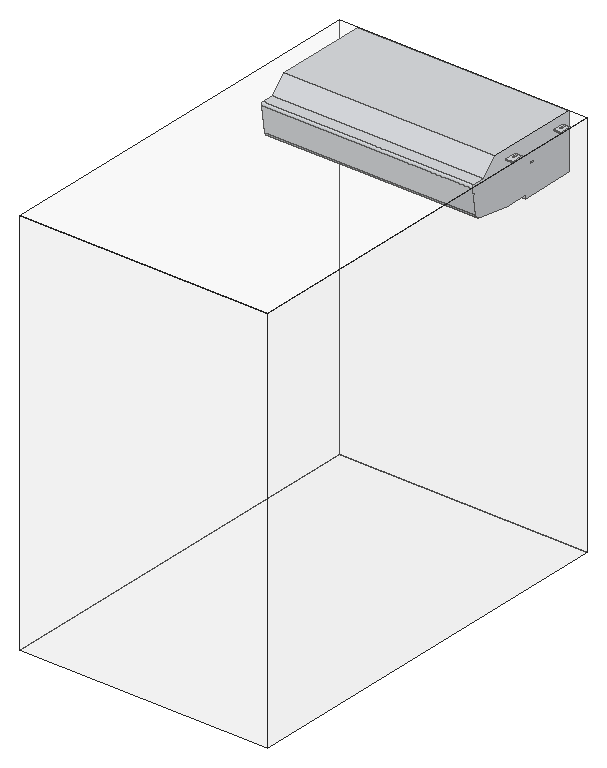
Revit family "pc-rp80_140ha21_50hz", category 機械設備, Revit 2019
Family settings
  丸型コネクタ寸法 = 直径を使用
  パーツ タイプ = 標準
  OmniClass 番号 = 23.75.10.24.21.27.27
  OmniClass タイトル = Split System Air Conditioning Units
  作業面ベース = いいえ
  常に垂直 = はい
  ロード時にボイドで切り取り = いいえ
  共有 = いいえ
  部屋計算ポイント = はい
Parameters (values of type "厨房天吊_PC-RP80HA21")
  風量_強 (m3/min) = 17
  風量_弱 (m3/min) = 15
  風量 = MAX風量  # 1020.0 m³/h
  音響パワーレベル_強 (dB) = 57
  音響パワーレベル_弱 (dB) = 55
  音響パワーレベル(dB) = [音響パワーレベル_強 (dB)]  # 57
  電源種別 = ""
  電源_H = 0 mm
  電圧 = 0 V
  電動機出力_送風機 = 0.04 kW
  運転質量 = 0.00 kg
  連動 = ""
  質量 = if(製品質量 > 運転質量, 製品質量, 運転質量) * 1.2  # 50.40 kg
  負荷分類 = 3_ファン類
  構成品番 = "PC-RP80HA21"
  冷媒液管位置 = 175 mm
  冷媒ガス管位置 = 197 mm
  ドレン管径 (外径) = 32 mm
  【値が 0 の項目は組合せ形名にてご確認ください】 = ""
  MIN風量 = [風量_弱 (m3/min)] * 60.0 m³/h  # 900.0 m³/h
  MAX風量 = [風量_強 (m3/min)] * 60.0 m³/h  # 1020.0 m³/h
  サービススペース = yes
  ケーブルサイズ = 0 mm
  Version = ""
  URL = "https://www.mitsubishielectric.co.jp/ldg/wink/ssl/top.do"
  Line = not(Width = 1136 mm)  # no
  説明 = "店舗・事務所用パッケージエアコン(Mr.SLIM) 厨房用(天吊形)"
  設計暖房能力 = 0.00 kW
  設計冷房能力_顕熱 = 0 kW
  設計冷房能力 = 0 kW
  設置方法 = "天井吊形"
  記号 = ""
  製造元 = "三菱電機株式会社"
  製品質量 = 42.00 kg
  製品出荷対象 = "国内"
  製品リリース年月 = ""
  製品グループ = ""
  系統 = ""
  符号 = "PAC_CRK"
  積算_科目 = "1 空気調和設備"
  積算_拾い区分 [instance] = ""
  相 = 1
  盤記号 = ""
  発停方法 = "付属スイッチ"
  特殊仕様 = ""
  火災停止 = ""
  消費電力_暖房 = 0.13 kW
  消費電力_冷房 = 0.13 kW
  消費電力 = if(消費電力_冷房 > 消費電力_暖房, 消費電力_冷房, 消費電力_暖房)  # 0.13 kW
  法定耐用年数 = "6"
  極数 = 1
  材質 = ""
  本体マテリアル = none
  有効加湿量 = 0
  暖房能力 = 8.00 kW
  推奨ブレーカー容量 = 0 A
  形式_加湿器 = ""
  形式 = "厨房用天井吊（露出）形"
  幹線記号 = ""
  始動方式 = "直入"
  呼称 = "室内機_厨房用天井吊（露出）形"
  周波数 = 50 Hz
  吊り位置Y = 320 mm
  吊り位置X = 1180 mm
  吊りボルト_H = 43 mm
  台数_手元リモコン = ""
  台数_冷媒分岐ユニット = ""
  参照している仕様書等のバージョン = "公共建築工事標準仕様書（機械設備工事編）平成31年度版"
  加湿給水管径 = 0.00 mm
  分類コード = "50053003123100"
  分類グループ = ""
  冷房能力 = 7.1 kW
  冷媒高低圧ガス管径 = 0.00 mm
  冷媒管径符号 = "Bd"
  冷媒管径 = 100.00 mm
  冷媒液管高さ = 165 mm
  冷媒液管径 = 9.52 mm
  冷媒ガス管高さ = 165 mm
  冷媒ガス管径 = 15.88 mm
  企業コード = "108420"
  付属品_フィルター = ""
  付属品 = ""
  仕様書バージョン = "Version1.0"
  Model = ""
  パネルマテリアル = none
  ドレン管高さ = 254 mm
  ドレン管径 = 25.00 mm
  コメント [instance] = ""
  ケーブル種類 = ""
  Width = 1136 mm
  Uniclass2015Version = "Systems v1.9"
  Uniclass2015Title = "Split coil remote air cooled condensing units"
  Uniclass2015Code = "Pr_70_65_03_84"
  SpecificationReference = ""
  SpecificationDescription = ""
  S_H = 295 mm
  Revision = ""
  ProductInformation = ""
  OmniClassCode = "23-33 17 13 11"
  IfcTypeProduct = ""
  IfcProduct = ""
  IfcExportType = "AIRCONDITIONINGUNIT"
  IfcExportAs = "IfcUnitaryEquipmentType"
  Height = 280 mm
  Depth = 650 mm
  価格 = 0
  Clearance Top = 2 mm
  Clearance Right = 100 mm
  Clearance Left = 100 mm
  Clearance Front = 1500 mm
  Clearance Bottom = 1800 mm
  Clearance Back = 0 mm
  Author = "三菱電機株式会社"
Types (2, lengths in mm): name | 風量_強 (m3/min) | 風量_弱 (m3/min) | 風量 | 音響パワーレベル_強 (dB) | 音響パワーレベル_弱 (dB) | 音響パワーレベル(dB) | 電動機出力_送風機 | 質量 | 構成品番 | MIN風量 | MAX風量 | Line | 製品質量 | 消費電力_暖房 | 消費電力_冷房 | 消費電力 | 暖房能力 | 吊り位置X | 冷房能力 | Width
  厨房天吊_PC-RP140HA21 | 38 | 28 | 2280.0 m³/h | 68 | 61 | 68 | 0.16 kW | 67.20 kg | "PC-RP140HA21" | 1680.0 m³/h | 2280.0 m³/h | yes | 56.00 kg | 0.30 kW | 0.30 kW | 0.30 kW | 14.00 kW | 1564 | 12.5 kW | 1520
  厨房天吊_PC-RP80HA21 | 17 | 15 | 1020.0 m³/h | 57 | 55 | 57 | 0.04 kW | 50.40 kg | "PC-RP80HA21" | 900.0 m³/h | 1020.0 m³/h | no | 42.00 kg | 0.13 kW | 0.13 kW | 0.13 kW | 8.00 kW | 1180 | 7.1 kW | 1136
Reference planes
  plane 1 "中心(正面/背面)": y = 0
  plane 2: z = 0
  plane 3 "中心(左/右)": x = 0
  plane 4: x = 523
  plane 5: z = 3835
  plane 6: x = 438
  plane 7: z = 3835
  plane 8: x = 463
  plane 9: z = 3746
  plane 10: x = 668
  plane 11: x = 568
  plane 12: x = -668
  plane 13: x = -568
  plane 14: y = -650
  plane 15: z = -280
  plane 16: y = -2150
  plane 17: x = -590
  plane 18: x = 590
  plane 19: z = -2095
  plane 20: z = -295
  plane 21: x = 558.3
  plane 22: y = -80
  plane 23: y = -400
  plane 24: y = -325
  plane 25: y = -197
  plane 26: y = -175
  plane 27: y = -70
  plane 28: z = -43
  plane 29: z = -165
  plane 30: z = -254
  plane 31: x = 523
  plane 32: x = 438
  plane 33: x = 463
  plane 34: x = 463
  plane 35: z = 3746
  plane 36: z = 2
  plane 37: z = -95
  plane 38: z = -165
Forms (mm)
  Extrusion 1, solid
    sketch origin (0, -325, -4000) x (0, 1, 0) y (0, 0, 1)
      loop
        line (325, 4000) -> (-171.734, 4000) -> (-246.938, 3924.796) -> (-313.202, 3924.796)
        arc (-313.202, 3924.796) -> (-322.395, 3920.509) -> (-325.02, 3910.712) r 12
        line (-325.02, 3910.712) -> (-299.97, 3768.648)
        arc (-299.97, 3768.648) -> (-294.972, 3759.046) -> (-285.369, 3754.047) r 18
        line (-285.369, 3754.047) -> (-92.277, 3720) -> (35.069, 3720) -> (35.069, 3705) -> (325, 3705) -> (325, 4000)
    from -568 to 568
  Extrusion 2, solid, detail levels fine
    sketch origin (0, 0, 0) x (0, 0, -1) y (-1, 0, 0)
      loop
        circle (165.005, -523) r 7.94
    from -325 to -197
  Extrusion 3, solid, detail levels fine
    sketch origin (0, 0, 0) x (0, 0, -1) y (-1, 0, 0)
      loop
        circle (165.005, -438) r 4.76
    from -175 to -325
  Extrusion 4, solid, detail levels fine
    sketch origin (0, 0, 0) x (0, 0, -1) y (-1, 0, 0)
      loop
        circle (254.005, -463) r 16
    from -70 to -325
  Extrusion 5, solid, detail levels fine
    sketch origin (0, 0, -4000) x (1, 0, 0) y (0, 1, 0)
      loop
        line (568, -370) -> (568, -430) -> (612, -430) -> (612, -370) -> (595, -370) -> (595, -400)
        arc (595, -400) -> (590, -405) -> (585, -400) r 5
        line (585, -400) -> (585, -370) -> (568, -370)
    from 3954.5 to 3959.5
  Extrusion 6, solid, detail levels fine
    sketch origin (0, 320, -4000) x (1, 0, 0) y (0, 1, 0)
      loop
        line (568, -370) -> (568, -430) -> (612, -430) -> (612, -370) -> (595, -370) -> (595, -400)
        arc (595, -400) -> (590, -405) -> (585, -400) r 5
        line (585, -400) -> (585, -370) -> (568, -370)
    from 3954.5 to 3959.5
  Extrusion 7, solid, detail levels fine
    sketch origin (-1180, 0, -4000) x (1, 0, 0) y (0, 1, 0)
      loop
        line (568, -370) -> (568, -430) -> (612, -430) -> (612, -370) -> (595, -370) -> (595, -400)
        arc (595, -400) -> (590, -405) -> (585, -400) r 5
        line (585, -400) -> (585, -370) -> (568, -370)
    from 3954.5 to 3959.5
  Extrusion 8, solid, detail levels fine
    sketch origin (-1180, 320, -4000) x (1, 0, 0) y (0, 1, 0)
      loop
        line (568, -370) -> (568, -430) -> (612, -430) -> (612, -370) -> (595, -370) -> (595, -400)
        arc (595, -400) -> (590, -405) -> (585, -400) r 5
        line (585, -400) -> (585, -370) -> (568, -370)
    from 3954.5 to 3959.5
  Extrusion 9, solid, detail levels fine
    sketch origin (-3.482, 0, 0) x (1, 0, 0) y (0, 0, 1)
      loop
        circle (483.982, -165) r 50
    from 0 to 5
  Extrusion 10, solid, detail levels fine
    sketch origin (0, 160, 0) x (0, 0, -1) y (-1, 0, 0)
      loop
        circle (254.005, -463) r 16
    from -160 to -165
Lines and regions (mm)
  model lines, detail levels fine
    curve 1: line (-493, -647.647, -102.744) -> (-493, -628.546, -211.073)
    curve 2: line (493, -647.647, -102.744) -> (493, -628.546, -211.073)
    curve 3: line (-493, -647.647, -102.744) -> (493, -647.647, -102.744)
    curve 4: line (493, -628.546, -211.073) -> (-493, -628.546, -211.073)
Dimensions and locks
  equal spacing: plane 13, plane 3 "中心(左/右)", plane 11
  "Width": plane 13 to plane 11
  "Clearance Right": plane 11 to plane 10
  "Clearance Left": plane 12 to plane 13
  "Depth": plane 14 to plane 1 "中心(正面/背面)"
  "Height": level to plane 15
  "Clearance Front": plane 16 to plane 14
  equal spacing: plane 17, plane 3 "中心(左/右)", plane 18
  "吊り位置X": plane 17 to plane 18
  "S_H": level to plane 20
  locked: plane 21 to plane 11 at 9.7
  locked: plane 22 to plane 1 "中心(正面/背面)" at 80
  "吊り位置Y": plane 22 to plane 23
  plane 27 to plane 1 "中心(正面/背面)" = 70 mm
  "冷媒液管位置": plane 26 to plane 1 "中心(正面/背面)"  (x2)
  "冷媒ガス管位置": plane 25 to plane 1 "中心(正面/背面)"  (x2)
  plane 24 to plane 25 = 128 mm
  plane 24 to plane 26 = 150 mm
  "Clearance Bottom": plane 20 to plane 19
  "吊りボルト_H": level to plane 28
  level to plane 29 = 165 mm
  level to plane 30 = 254 mm
  plane 31 to plane 11 = 45 mm
  plane 32 to plane 31 = 85 mm
  plane 33 to plane 11 = 105 mm
  "Clearance Back": plane 1 "中心(正面/背面)" to nested 1
  equal spacing: plane 32, Extrusion 9 sketch curve, plane 31
  "Clearance Top": plane 36 to plane 2
  "冷媒ガス管高さ": plane 2 to plane 29
  "冷媒液管高さ": Extrusion 1 to plane 38
  "冷媒液管径": diameter of Extrusion 3 sketch curve
  "冷媒ガス管径": diameter of Extrusion 2 sketch curve
  "ドレン管径 (外径)": diameter of Extrusion 4 sketch curve
  "ドレン管径 (外径)": diameter of Extrusion 10 sketch curve
  aligned and locked: level to plane 2
  aligned and locked: plane 11 to Extrusion 1
  aligned and locked: plane 13 to Extrusion 1
  aligned and locked: plane 12 to nested 1
  aligned and locked: nested 1 to plane 10
  aligned and locked: plane 17 to nested 2
  aligned and locked: nested 2 to plane 18
  aligned and locked: plane 20 to Extrusion 1
  aligned and locked: plane 19 to nested 1
  aligned and locked: plane 21 to nested 3
  aligned and locked: nested 1 to plane 16
  aligned and locked: plane 22 to nested 2
  aligned and locked: plane 23 to nested 2
  aligned and locked: plane 1 "中心(正面/背面)" to nested 1
  aligned and locked: plane 36 to nested 1
Automatic sketch dimensions
  Extrusion 1 sketch curve to level = 0 mm
  Extrusion 1 sketch curve to plane 15 = 0 mm
  Extrusion 1 sketch curve to plane 20 = 0 mm
  Extrusion 1 sketch curve to plane 1 "中心(正面/背面)" = 0 mm
  plane 24 to Extrusion 1 sketch curve = 35.069 mm
  Extrusion 1 sketch curve to plane 23 = 17.277 mm
  Extrusion 1 sketch curve to plane 23 = 96.734 mm
  Extrusion 1 sketch curve to plane 28 = 32.204 mm
  plane 14 to Extrusion 1 sketch curve = 78.062 mm
  plane 14 to Extrusion 1 sketch curve = 42.756 mm
  plane 30 to Extrusion 1 sketch curve = 8.047 mm
  Extrusion 1 sketch curve to Extrusion 1 sketch curve = 3.126 mm
  Extrusion 1 sketch curve to Extrusion 1 sketch curve = 17.727 mm
  plane 14 to Extrusion 1 sketch curve = 11.798 mm
  Extrusion 1 sketch curve to plane 14 = 0.02 mm
  Extrusion 1 sketch curve to Extrusion 1 sketch curve = 14.601 mm
  Extrusion 1 sketch curve to Extrusion 1 sketch curve = 14.084 mm
  Extrusion 1 to curve 3 = 13.664 mm
  curve 2 to Extrusion 1 = 20.591 mm
  Extrusion 1 to curve 1 = 75 mm
  Extrusion 1 to curve 3 = 75 mm
  Extrusion 5 sketch curve to plane 11 = 0 mm
  Extrusion 5 sketch curve to plane 23 = 0 mm
  Extrusion 5 sketch curve to plane 18 = 0 mm
  Extrusion 5 sketch curve to Extrusion 5 sketch curve = 5 mm
  Extrusion 5 sketch curve to plane 18 = 22 mm
  Extrusion 5 sketch curve to plane 23 = 30 mm
  plane 23 to Extrusion 5 sketch curve = 30 mm
  Extrusion 5 sketch curve to Extrusion 5 sketch curve = 0 mm
  Extrusion 6 sketch curve to plane 11 = 0 mm
  Extrusion 6 sketch curve to plane 22 = 0 mm
  Extrusion 6 sketch curve to plane 18 = 0 mm
  Extrusion 6 sketch curve to Extrusion 6 sketch curve = 5 mm
  Extrusion 6 sketch curve to plane 18 = 22 mm
  Extrusion 6 sketch curve to plane 22 = 30 mm
  plane 27 to Extrusion 6 sketch curve = 20 mm
  Extrusion 6 sketch curve to Extrusion 6 sketch curve = 0 mm
  Extrusion 7 sketch curve to plane 23 = 0 mm
  Extrusion 7 sketch curve to plane 17 = 0 mm
  Extrusion 7 sketch curve to plane 13 = 0 mm
  Extrusion 7 sketch curve to plane 17 = 5 mm
  Extrusion 7 sketch curve to plane 17 = 22 mm
  Extrusion 7 sketch curve to plane 23 = 30 mm
  plane 23 to Extrusion 7 sketch curve = 30 mm
  Extrusion 7 sketch curve to Extrusion 7 sketch curve = 0 mm
  Extrusion 8 sketch curve to plane 22 = 0 mm
  Extrusion 8 sketch curve to plane 17 = 0 mm
  Extrusion 8 sketch curve to plane 13 = 0 mm
  Extrusion 8 sketch curve to plane 17 = 5 mm
  Extrusion 8 sketch curve to plane 17 = 22 mm
  Extrusion 8 sketch curve to plane 22 = 30 mm
  plane 27 to Extrusion 8 sketch curve = 20 mm
  Extrusion 8 sketch curve to Extrusion 8 sketch curve = 0 mm
  Extrusion 9 sketch curve to plane 29 = 0 mm
  Extrusion 1 to Extrusion 2 sketch curve = 45 mm
  Extrusion 2 sketch curve to Extrusion 1 = 129.995 mm
  Extrusion 3 sketch curve to Extrusion 1 = 129.995 mm
  Extrusion 1 to Extrusion 3 sketch curve = 130 mm
  Extrusion 4 sketch curve to Extrusion 1 = 40.995 mm
  Extrusion 1 to Extrusion 4 sketch curve = 105 mm
  plane 33 to Extrusion 10 sketch curve = 0 mm
  Extrusion 10 sketch curve to plane 30 = 0.005 mm
  radius of Extrusion 9 sketch curve = 50 mm
Nested families
  nested 1: "サービススペース" at (0, -1075, -1046.5), visible <- "サービススペース", type "サービススペース", detail levels fine
    with Width 1336 mm, Height 2097 mm, Depth 2150 mm
  nested 2: "固定点" at (-590, -400, 0), type "固定点"
    with W 1180 mm, D 320 mm
  nested 3: "吸込口" at (-192, 0, -4000), Width <- "Width", type "吸込口"
    with Width 1136 mm, Line no
Connectors
  piping at (480.5, 0, -165), diameter 100, driven by "冷媒管径", driven by "冷媒管径符号"
    settings: on Extrusion 9, index 1, connector inside diameter 609.60 mm, connector length 0 mm, flow factor 0, pipe flow 0.0 L/s, pressure drop 0.0 Pa, fitting loss kfactor 0, connector angle 0.00°, fixture units 0, engagement length 0 mm, angle of deflection 0.00°, flow configuration 1, flow direction 1, fitting loss method 4, system type 7, joint type 0, gender type 0, connector reference index -1, connector utility 0, adjustable connector no, is connector primary yes, connector description "Bd"
  piping at (463, 0, -254.005), diameter 32, driven by "ドレン管径 (外径)"
    settings: on Extrusion 10, index 2, connector inside diameter 609.60 mm, connector length 0 mm, flow factor 0, pipe flow 0.0 L/s, pressure drop 0.0 Pa, fitting loss kfactor 0, connector angle 0.00°, fixture units 0, engagement length 0 mm, angle of deflection 0.00°, flow configuration 1, flow direction 2, fitting loss method 4, system type 16, joint type 0, gender type 0, connector reference index -1, connector utility 0, adjustable connector no, is connector primary no, connector description ""
  electrical at (568, -417.216, -169.727), driven by "極数", driven by "負荷分類", driven by "電圧", driven by "消費電力"
    settings: on Extrusion 1, index 3, voltage 0 V, apparent load 130 VA, apparent load phase1 0 VA, apparent load phase2 0 VA, apparent load phase3 0 VA, power factor 1, load classification "3_ファン類", number of poles 1, system type 30, power factor state 1, is connector primary yes, connector utility no, sub classification motor no, connector description ""
Definition of nested family "サービススペース"
  Parameters (values of type "サービススペース")
    Width [instance] = 500 mm
    Height [instance] = 500 mm
    Depth [instance] = 500 mm
  Reference planes
    plane 1 "中心(正面/背面)": y = 0
    plane 2: z = 0
    plane 3 "中心(左/右)": x = 0
    plane 4: y = -250
    plane 5: x = 250
    plane 6: y = 250
    plane 7: x = -250
    plane 8: z = 250
    plane 9: z = -250
  Forms (mm)
    Extrusion 1, solid
      sketch origin (-638.939, 0, 72.39) x (1, 0, 0) y (0, 1, 0)
        loop
          line (388.939, 250) -> (388.939, -250) -> (888.939, -250) -> (888.939, 250) -> (388.939, 250)
      from -322.39 to 177.61
  Lines and regions (mm)
    symbolic lines
      curve 1: line (-250, 0, 250) -> (250, 0, 250)
      curve 2: line (-250, 0, -250) -> (-250, 0, 250)
      curve 3: line (250, 0, -250) -> (-250, 0, -250)
      curve 4: line (250, 0, 250) -> (250, 0, -250)
      curve 5: line (0, -250, 250) -> (0, 250, 250)
      curve 6: line (0, -250, -250) -> (0, -250, 250)
      curve 7: line (0, 250, -250) -> (0, -250, -250)
      curve 8: line (0, 250, 250) -> (0, 250, -250)
      curve 9: line (-250, 250, 0) -> (250, 250, 0)
      curve 10: line (-250, -250, 0) -> (-250, 250, 0)
      curve 11: line (250, -250, 0) -> (-250, -250, 0)
      curve 12: line (250, 250, 0) -> (250, -250, 0)
  Dimensions and locks
    equal spacing: plane 7, plane 3 "中心(左/右)", plane 5
    equal spacing: plane 4, plane 1 "中心(正面/背面)", plane 6
    "Depth": plane 4 to plane 6
    "Width": plane 7 to plane 5
    equal spacing: plane 8, plane 2, plane 9
    "Height": plane 8 to plane 9
    aligned and locked: plane 9 to curve 3
    aligned and locked: plane 7 to curve 2
    aligned and locked: curve 4 to plane 5
    aligned and locked: plane 5 to Extrusion 1
    aligned and locked: Extrusion 1 to plane 7
    aligned and locked: Extrusion 1 to plane 9
    aligned and locked: plane 8 to Extrusion 1
    aligned and locked: plane 9 to curve 7
  Automatic sketch dimensions
    plane 4 to Extrusion 1 sketch curve = 0 mm
    Extrusion 1 sketch curve to plane 7 = 0 mm
    Extrusion 1 sketch curve to plane 5 = 0 mm
    plane 6 to Extrusion 1 sketch curve = 0 mm
    curve 2 to plane 8 = 0 mm
    plane 4 to curve 11 = 0 mm
    curve 11 to plane 7 = 0 mm
    curve 11 to plane 5 = 0 mm
    plane 6 to curve 10 = 0 mm
    curve 7 to plane 4 = 0 mm
    curve 7 to plane 6 = 0 mm
    curve 6 to plane 8 = 0 mm
Definition of nested family "固定点"
  Parameters (values of type "固定点")
    中心円 = 20 mm
    W [instance] = 1000 mm
    D [instance] = 1000 mm
  Reference planes
    plane 1 "中心(正面/背面)": y = 0
    plane 2: z = 0
    plane 3 "中心(左/右)": x = 0
    plane 4: x = 1000
    plane 5: y = 1000
  Lines and regions (mm)
    symbolic lines, detail levels fine
      curve 1: circle (0, 1000, 0) r 10 normal (0, 0, 1)
      curve 2: circle (0, 0, 0) r 10 normal (0, 0, 1)
      curve 3: circle (1000, 1000, 0) r 10 normal (0, 0, 1)
      curve 4: circle (1000, 0, 0) r 10 normal (0, 0, 1)
      curve 5: line (-200, 1000, 0) -> (1200, 1000, 0)
      curve 6: line (-200, 0, 0) -> (1200, 0, 0)
      curve 7: line (0, 1200, 0) -> (0, -200, 0)
      curve 8: line (1000, 1200, 0) -> (1000, -200, 0)
  Dimensions and locks
    "W": plane 3 "中心(左/右)" to plane 4
    "D": plane 1 "中心(正面/背面)" to plane 5
    "中心円": diameter of curve 1
    "中心円": diameter of curve 2
    "中心円": diameter of curve 3
    "中心円": diameter of curve 4
    aligned and locked: level to plane 2
    aligned and locked: plane 5 to curve 1
    aligned and locked: plane 3 "中心(左/右)" to curve 1
    aligned and locked: plane 3 "中心(左/右)" to curve 2
    aligned and locked: plane 1 "中心(正面/背面)" to curve 2
    aligned and locked: plane 4 to curve 3
    aligned and locked: plane 5 to curve 3
    aligned and locked: plane 1 "中心(正面/背面)" to curve 4
    aligned and locked: plane 4 to curve 4
    aligned and locked: plane 1 "中心(正面/背面)" to curve 6
    aligned and locked: curve 7 to plane 3 "中心(左/右)"
    aligned and locked: curve 8 to plane 4
  Automatic sketch dimensions
    curve 5 to plane 5 = 0 mm
    curve 6 to plane 3 "中心(左/右)" = 200 mm
    curve 5 to plane 3 "中心(左/右)" = 200 mm
    curve 4 to curve 6 = 200 mm
    curve 3 to curve 5 = 200 mm
    plane 1 "中心(正面/背面)" to curve 8 = 200 mm
    plane 1 "中心(正面/背面)" to curve 7 = 200 mm
    curve 3 to curve 8 = 200 mm
    curve 1 to curve 7 = 200 mm
Definition of nested family "吸込口"
  Parameters (values of type "吸込口")
    Width [instance] = 1136 mm
    Line [instance] = not(Width = 1136 mm)  # no
  Reference planes
    plane 1 "Center (Front/Back)": y = 0
    plane 2: z = 0
    plane 3 "Center (Left/Right)": x = 0
  Lines and regions (mm)
    model lines, visible <- "Line", detail levels fine
      curve 1: line (-376.3, -289.931, 3705) -> (-376.3, 0, 3705)
      curve 12: line (-391.3, 0, 3705) -> (-391.3, -289.931, 3705)
      curve 13: line (-750.3, -274.931, 3705) -> (-750.3, -15, 3705)
      curve 14: line (-401.3, -15, 3705) -> (-401.3, -274.931, 3705)
      curve 15: line (-750.3, -15, 3705) -> (-401.3, -15, 3705)
      curve 16: line (-401.3, -274.931, 3705) -> (-750.3, -274.931, 3705)
      curve 17: line (-750.3, -54.429, 3705) -> (-595.903, -274.931, 3705)
      curve 18: line (-401.3, -55, 3705) -> (-555.297, -274.931, 3705)
      curve 19: line (-750.3, -235.571, 3705) -> (-595.854, -15, 3705)
      curve 20: line (-401.3, -235, 3705) -> (-555.346, -15, 3705)
      curve 21: line (-750.3, -274.931, 3705) -> (-750.3, -15, 3705)
      curve 40: line (750.3, -274.931, 3705) -> (750.3, -15, 3705)
    model lines, detail levels fine
      curve 2: line (-7.7, 0, 3705) -> (-7.7, -289.931, 3705)
      curve 3: line (-366.3, -274.931, 3705) -> (-366.3, -15, 3705)
      curve 4: line (-17.7, -15, 3705) -> (-17.7, -274.931, 3705)
      curve 5: line (-366.3, -15, 3705) -> (-17.7, -15, 3705)
      curve 6: line (-17.7, -274.931, 3705) -> (-366.3, -274.931, 3705)
      curve 7: line (-366.3, -55, 3705) -> (-212.303, -274.931, 3705)
      curve 8: line (-17.7, -55, 3705) -> (-171.697, -274.931, 3705)
      curve 9: line (-366.3, -235, 3705) -> (-212.254, -15, 3705)
      curve 10: line (-17.7, -235, 3705) -> (-171.746, -15, 3705)
      curve 11: line (7.3, -289.931, 3705) -> (7.3, 0, 3705)
      curve 22: line (376.3, -289.931, 3705) -> (376.3, 0, 3705)
      curve 23: line (366.3, -274.931, 3705) -> (366.3, -15, 3705)
      curve 24: line (17.7, -15, 3705) -> (17.7, -274.931, 3705)
      curve 25: line (366.3, -15, 3705) -> (17.7, -15, 3705)
      curve 26: line (17.7, -274.931, 3705) -> (366.3, -274.931, 3705)
      curve 27: line (366.3, -55, 3705) -> (212.303, -274.931, 3705)
      curve 28: line (17.7, -55, 3705) -> (171.697, -274.931, 3705)
      curve 29: line (366.3, -235, 3705) -> (212.254, -15, 3705)
      curve 30: line (17.7, -235, 3705) -> (171.746, -15, 3705)
      curve 31: line (391.3, 0, 3705) -> (391.3, -289.931, 3705)
      curve 32: line (750.3, -274.931, 3705) -> (750.3, -15, 3705)
      curve 33: line (401.3, -15, 3705) -> (401.3, -274.931, 3705)
      curve 34: line (750.3, -15, 3705) -> (401.3, -15, 3705)
      curve 35: line (401.3, -274.931, 3705) -> (750.3, -274.931, 3705)
      curve 36: line (750.3, -54.429, 3705) -> (595.903, -274.931, 3705)
      curve 37: line (401.3, -55, 3705) -> (555.297, -274.931, 3705)
      curve 38: line (750.3, -235.571, 3705) -> (595.854, -15, 3705)
      curve 39: line (401.3, -235, 3705) -> (555.346, -15, 3705)
  Dimensions and locks
    aligned and locked: level to plane 2
